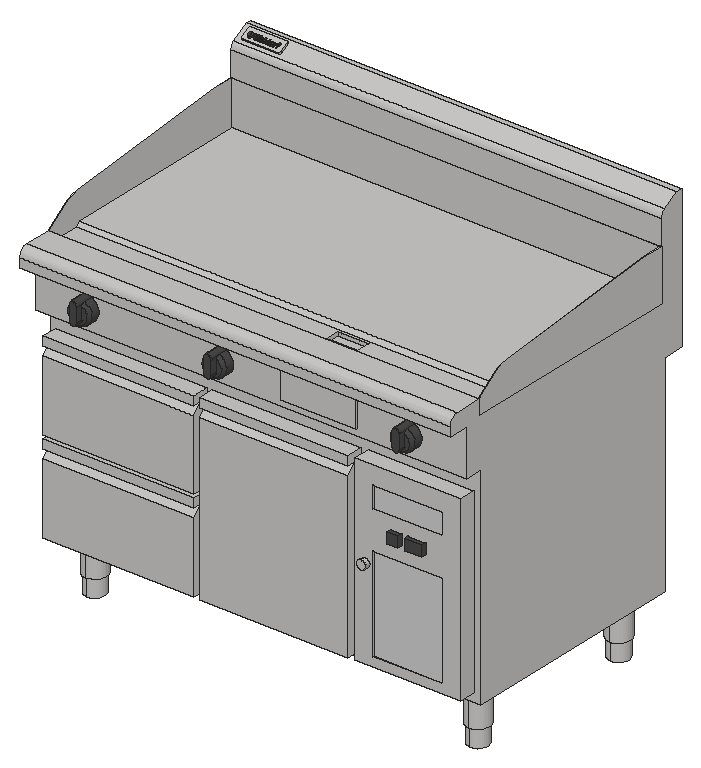
Revit family "QF_MOFFAT WALDORF_GP8120E-RB", category Specialty Equipment, Revit 2012
Parameters
  Width [instance] = 1200.0 mm  # constant formula
  Weight in Pounds = 396.8316  # constant formula
  Watts = 16200 W
  Volts = 415 V
  URL Cutsheet = "www.moffat.com"
  URL = "www.moffat.com"
  Type Mark [instance] = ""
  Status [instance] = ""
  Specification by User [instance] = ""
  Specification by Manufacturer = ""
  Show Logo [instance] = yes
  Show Clearance [instance] = yes
  Show Casters [instance] = no
  Serial Number = ""
  Seismic Rating = ""
  SMACNA No = ""
  Revision Code [instance] = ""
  Refrigerant Type = "R134a"
  Phase = 3
  Omniclass Number and Title = ""
  Number of Poles = 1
  NAFEM Spec ID Number = ""
  Model = "GP8120E-RB"
  Min Ckt Ampacity = 0 A
  Max Overcurrent Protection = 0 A
  Masterspec = ""
  Manufacturer = "MOFFAT WALDORF"
  Legs [instance] = not(Show Casters)  # yes
  Item Number [instance] = ""
  Installed By [instance] = ""
  Identify Quantity as Lot [instance] = yes
  Height [instance] = 1130.0 mm  # constant formula
  HP = ""
  Furnished By [instance] = ""
  Foodservice Equipment Identifier [instance] = yes
  FL Amps = 22.5 A
  Elec Conn RI Height = 0.0 mm
  Elec Conn Connection Height = 0.0 mm
  Description = "GRIDDLE PLATE ELECTRIC ON REFRIGERATED BASE"
  Depth [instance] = 805.0 mm  # constant formula
  Cycle = 50 Hz
  Conn Plug = ""
  Conn Conduit = yes
  CSI MasterFormat = ""
  CSI Master Format = ""
  Base Height [instance] = 150.0 mm
  Apparent Power = if(Phase = 3, Volts * FL Amps * 1.73, Volts * FL Amps)  # 16153.9 VA
Reference planes
  plane 1 "BACK": y = 0
  plane 2: z = 0
  plane 3 "LEFT": x = 0
  plane 4 "RIGHT": x = 1200
  plane 5 "FRONT": y = -805
  plane 6 "TOP": z = 1130
  plane 7 "Center Y": x = 600
  plane 8 "Center X": y = -402.5
  plane 9 "Base Height": z = 150
  plane 10: x = 65
  plane 11: x = 1134
  plane 12: z = 915
  plane 13: x = 1070
  plane 14: x = 1181
  plane 15: x = 923
  plane 16: z = 710
  plane 17: y = -135
  plane 18: y = -625
Forms (mm)
  Extrusion 1, solid, material "QF_Finishes_Stainless Steel"
    sketch origin (0, 0, 0) x (0, 1, 0) y (0, 0, 1)
      loop
        line (-805, 891) -> (-805, 866) -> (-749, 866) -> (-749, 735) -> (-699, 735) -> (-699, 150) -> (-59, 150) -> (-59, 735) -> (0, 735) -> (0, 1130) -> (-16.5, 1130) -> (-58.709, 1105.631)
        arc (-58.709, 1105.631) -> (-66.975, 1097.365) -> (-70, 1086.074) r 22.582
        line (-70, 1086.074) -> (-70, 875) -> (-705, 875) -> (-705, 915) -> (-781, 915)
        arc (-781, 915) -> (-797.971, 907.971) -> (-805, 891) r 24
    from 0 to 1200
  Extrusion 2, solid, material "QF_Finishes_Stainless Steel"
    sketch origin (706.25, 3, 30) x (1, 0, 0) y (0, 1, 0)
      loop
        circle (364, -35) r 13.5
    from 680 to 705
  Revolve 3, solid, material "QF_Finishes_Black"
    sketch origin (150, 0, 529.873) x (0, 1, 0) y (0, 0, -1)
      loop
        line (-782, -299.5) -> (-759, -299.5) -> (-759, -272) -> (-749, -272) -> (-749, -267) -> (-793, -267) -> (-793, -293.651) -> (-782, -299.5)
      axis (-793, -267) -> (-749, -267)
    angle from 0 to 360
  Extrusion 4, solid, material "QF_Finishes_Black"
    sketch origin (288.27, 0, 530.031) x (-1, 0, 0) y (0, 0, -1)
      loop
        arc (148.269, -254.969) -> (138.269, -244.969) -> (128.269, -254.969) r 10
        line (128.269, -254.969) -> (128.269, -293.969)
        arc (128.269, -293.969) -> (138.269, -303.969) -> (148.269, -293.969) r 10
        line (148.269, -293.969) -> (148.269, -254.969)
    from 759 to 808
  Extrusion 5, solid, material "QF_Finishes_Stainless Steel"
    sketch origin (42.8, -749, 866) x (0, 0, -1) y (1, 0, 0)
      loop
        line (26.5, 640) -> (113.5, 640) -> (113.5, 850) -> (26.5, 850) -> (26.5, 640)
    from 0 to 2.5
  Extrusion 6, solid, material "QF_Finishes_Stainless Steel"
    sketch origin (42.8, -751.5, 866) x (0, 0, -1) y (1, 0, 0)
      loop
        line (33.5, 850) -> (26.5, 850) -> (26.5, 640) -> (33.5, 640) -> (33.5, 850)
    from 0 to 5
  Revolve 7, solid, material "QF_Finishes_Black"
    sketch origin (1050, 0, 529.873) x (0, 1, 0) y (0, 0, 1)
      loop
        line (-782, 299.5) -> (-793, 293.651) -> (-793, 267) -> (-749, 267) -> (-749, 272) -> (-759, 272) -> (-759, 299.5) -> (-782, 299.5)
      axis (-793, 267) -> (-749, 267)
    angle from 0 to 360
  Extrusion 8, solid, material "QF_Finishes_Black"
    sketch origin (911.73, 0, 530.031) x (1, 0, 0) y (0, 0, 1)
      loop
        line (148.269, 254.969) -> (148.269, 293.969)
        arc (148.269, 293.969) -> (138.269, 303.969) -> (128.269, 293.969) r 10
        line (128.269, 293.969) -> (128.269, 254.969)
        arc (128.269, 254.969) -> (138.269, 244.969) -> (148.269, 254.969) r 10
    from 759 to 808
  Revolve 9, solid, material "QF_Finishes_Black"
    sketch origin (525, 0, 529.873) x (0, 1, 0) y (0, 0, -1)
      loop
        line (-782, -299.5) -> (-759, -299.5) -> (-759, -272) -> (-749, -272) -> (-749, -267) -> (-793, -267) -> (-793, -293.651) -> (-782, -299.5)
      axis (-793, -267) -> (-749, -267)
    angle from 0 to 360
  Extrusion 10, solid, material "QF_Finishes_Black"
    sketch origin (663.27, 0, 530.031) x (-1, 0, 0) y (0, 0, -1)
      loop
        arc (148.269, -254.969) -> (138.269, -244.969) -> (128.269, -254.969) r 10
        line (128.269, -254.969) -> (128.269, -293.969)
        arc (128.269, -293.969) -> (138.269, -303.969) -> (148.269, -293.969) r 10
        line (148.269, -293.969) -> (148.269, -254.969)
    from 759 to 808
  Revolve 11, solid, material "QF_Finishes_Stainless Steel", visible <- "Legs"
    sketch origin (1133, -245, 0) x (0, 1, 0) y (0, 0, -1)
      loop
        line (78.25, -150) -> (110, -150) -> (110, 0) -> (82.5, 0) -> (82.5, -50) -> (78.25, -50) -> (78.25, -150)
      axis (110, -150) -> (110, 0)
    angle from 0 to 360
  Revolve 12, solid, material "QF_Finishes_Stainless Steel"
    sketch origin (1133, -735, 0) x (0, 1, 0) y (0, 0, -1)
      loop
        line (78.25, -150) -> (110, -150) -> (110, 0) -> (82.5, 0) -> (82.5, -50) -> (78.25, -50) -> (78.25, -150)
      axis (110, -150) -> (110, 0)
    angle from 0 to 360
  Revolve 13, solid, material "QF_Finishes_Stainless Steel", visible <- "Legs"
    sketch origin (65, -245, 0) x (0, 1, 0) y (0, 0, -1)
      loop
        line (78.25, -150) -> (110, -150) -> (110, 0) -> (82.5, 0) -> (82.5, -50) -> (78.25, -50) -> (78.25, -150)
      axis (110, -150) -> (110, 0)
    angle from 0 to 360
  Revolve 14, solid, material "QF_Finishes_Stainless Steel"
    sketch origin (65, -735, 0) x (0, 1, 0) y (0, 0, -1)
      loop
        line (78.25, -150) -> (110, -150) -> (110, 0) -> (82.5, 0) -> (82.5, -50) -> (78.25, -50) -> (78.25, -150)
      axis (110, -150) -> (110, 0)
    angle from 0 to 360
  Extrusion 15, solid, material "QF_Finishes_Stainless Steel"
    sketch origin (0, 0, 0) x (0, 1, 0) y (0, 0, 1)
      loop
        line (-749.5, 676.8) -> (-749.5, 651.8) -> (-724.5, 651.8) -> (-749.5, 626.8) -> (-749.5, 429.8) -> (-704.68, 429.8) -> (-704.68, 676.8) -> (-749.5, 676.8)
      loop
        line (-749.5, 419.8) -> (-749.5, 394.8) -> (-724.5, 394.8) -> (-749.5, 369.8) -> (-749.5, 172.8) -> (-704.68, 172.8) -> (-704.68, 419.8) -> (-749.5, 419.8)
    from 19 to 439
  Extrusion 16, solid, material "QF_Finishes_Stainless Steel"
    sketch origin (0, -699, 735) x (0, 0, 1) y (-1, 0, 0)
      loop
        line (-58.2, -1181) -> (-58.2, -887) -> (-562.2, -887) -> (-562.2, -1181) -> (-58.2, -1181)
      loop
        line (-537.2, -1131) -> (-272.2, -1131) -> (-272.2, -937) -> (-537.2, -937) -> (-537.2, -1131)
      loop
        line (-108.2, -1131) -> (-108.2, -937) -> (-168.2, -937) -> (-168.2, -1131) -> (-108.2, -1131)
    from 0 to 48
  Extrusion 17, solid, material "QF_Finishes_Vents"
    sketch origin (0, -699, 735) x (0, 0, -1) y (-1, 0, 0)
      loop
        line (168.2, -937) -> (108.2, -937) -> (108.2, -1131) -> (168.2, -1131) -> (168.2, -937)
      loop
        line (272.2, -937) -> (272.2, -1131) -> (537.2, -1131) -> (537.2, -937) -> (272.2, -937)
    from 0 to -44.529
  Extrusion 18, solid, material "QF_Door-Drawer Clearances", visible <- "Show Clearance", detail levels coarse
    sketch origin (0, -749.5, 172.8) x (0, 0, 1) y (-1, 0, 0)
      loop
        line (0, -19) -> (0, -439) -> (247, -439) -> (247, -19) -> (0, -19)
      loop
        line (257, -19) -> (257, -439) -> (504, -439) -> (504, -19) -> (257, -19)
    from 0 to 304.8
  Extrusion 19, solid, material "QF_Finishes_Stainless Steel"
    sketch origin (1200, 0, 0) x (0, -1, 0) y (0, 0, 1)
      loop
        line (704.68, 172.8) -> (749.5, 172.8) -> (749.5, 626.8) -> (724.5, 651.8) -> (749.5, 651.8) -> (749.5, 676.8) -> (704.68, 676.8) -> (704.68, 172.8)
    from 330.87 to 744.481
  Extrusion 20, solid, material "QF_Door-Drawer Clearances", visible <- "Show Clearance", detail levels coarse
    sketch origin (1200, -749.5, 172.8) x (1, 0, 0) y (0, -1, 0)
      loop
        line (-744.481, 0) -> (-330.87, 0) -> (-330.87, 413.611)
        arc (-330.87, 413.611) -> (-623.337, 292.467) -> (-744.481, 0) r 413.611
    from 0 to -504
  Extrusion 21, solid, material "QF_Finishes_Black"
    sketch origin (0, -747, 735) x (0, 0, 1) y (-1, 0, 0)
      loop
        line (-201.46, -987.426) -> (-231.46, -987.426) -> (-231.46, -1017.426) -> (-201.46, -1017.426) -> (-201.46, -987.426)
      loop
        line (-201.46, -1035.003) -> (-231.46, -1035.003) -> (-231.46, -1083.315) -> (-201.46, -1083.315) -> (-201.46, -1035.003)
    from 0 to 12.7
  Extrusion 22, solid, material "QF_Finishes_Stainless Steel"
    sketch origin (0, -747, 735) x (0, 0, 1) y (-1, 0, 0)
      loop
        circle (-310.229, -914.856) r 12.395
    from 0 to 12.7
Lines and regions (mm)
  Split face 1
    outline origin (49.063, -19.748, 1128.125) x (0, -0.866025, -0.5) y (1, 0, 0)
      loop
        line (1.427, 105.5) -> (35.836, 105.5) -> (35.836, 125.5) -> (1.427, 125.5) -> (1.427, 105.5)
  Split face 2
    outline origin (99.063, -19.748, 1128.125) x (0, -0.866025, -0.5) y (1, 0, 0)
      loop
        line (1.427, 105.5) -> (35.836, 105.5) -> (35.836, 125.5) -> (1.427, 125.5) -> (1.427, 105.5)
  Split face 3
    outline origin (149.062, -19.748, 1128.125) x (0, -0.866025, -0.5) y (1, 0, 0)
      loop
        line (1.427, 105.5) -> (35.836, 105.5) -> (35.836, 125.5) -> (1.427, 125.5) -> (1.427, 105.5)
  Split face 4
    outline origin (199.063, -19.748, 1128.125) x (0, -0.866025, -0.5) y (1, 0, 0)
      loop
        line (1.427, 105.5) -> (35.836, 105.5) -> (35.836, 125.5) -> (1.427, 125.5) -> (1.427, 105.5)
  Split face 5
    outline origin (249.063, -19.748, 1128.125) x (0, -0.866025, -0.5) y (1, 0, 0)
      loop
        line (1.427, 105.5) -> (35.836, 105.5) -> (35.836, 125.5) -> (1.427, 125.5) -> (1.427, 105.5)
  Split face 6
    outline origin (299.063, -19.748, 1128.125) x (0, -0.866025, -0.5) y (1, 0, 0)
      loop
        line (1.427, 105.5) -> (35.836, 105.5) -> (35.836, 125.5) -> (1.427, 125.5) -> (1.427, 105.5)
  Split face 7
    outline origin (51.563, -19.748, 1128.125) x (0, -0.866025, -0.5) y (1, 0, 0)
      loop
        line (1.427, 405.5) -> (35.836, 405.5) -> (35.836, 425.5) -> (1.427, 425.5) -> (1.427, 405.5)
  Split face 8
    outline origin (101.562, -19.748, 1128.125) x (0, -0.866025, -0.5) y (1, 0, 0)
      loop
        line (1.427, 405.5) -> (35.836, 405.5) -> (35.836, 425.5) -> (1.427, 425.5) -> (1.427, 405.5)
  Split face 9
    outline origin (151.562, -19.748, 1128.125) x (0, -0.866025, -0.5) y (1, 0, 0)
      loop
        line (1.427, 405.5) -> (35.836, 405.5) -> (35.836, 425.5) -> (1.427, 425.5) -> (1.427, 405.5)
  Split face 10
    outline origin (201.562, -19.748, 1128.125) x (0, -0.866025, -0.5) y (1, 0, 0)
      loop
        line (1.427, 405.5) -> (35.836, 405.5) -> (35.836, 425.5) -> (1.427, 425.5) -> (1.427, 405.5)
  Split face 11
    outline origin (251.562, -19.748, 1128.125) x (0, -0.866025, -0.5) y (1, 0, 0)
      loop
        line (1.427, 405.5) -> (35.836, 405.5) -> (35.836, 425.5) -> (1.427, 425.5) -> (1.427, 405.5)
  Split face 12
    outline origin (301.562, -19.748, 1128.125) x (0, -0.866025, -0.5) y (1, 0, 0)
      loop
        line (1.427, 405.5) -> (35.836, 405.5) -> (35.836, 425.5) -> (1.427, 425.5) -> (1.427, 405.5)
  Split face 13
    outline origin (351.562, -19.748, 1128.125) x (0, -0.866025, -0.5) y (1, 0, 0)
      loop
        line (1.427, 405.5) -> (35.836, 405.5) -> (35.836, 425.5) -> (1.427, 425.5) -> (1.427, 405.5)
  Split face 14
    outline origin (402.31, -19.748, 1128.125) x (0, -0.866025, -0.5) y (1, 0, 0)
      loop
        line (1.427, 405.5) -> (35.836, 405.5) -> (35.836, 425.5) -> (1.427, 425.5) -> (1.427, 405.5)
  Split face 15
    outline origin (452.31, -19.748, 1128.125) x (0, -0.866025, -0.5) y (1, 0, 0)
      loop
        line (1.427, 405.5) -> (35.836, 405.5) -> (35.836, 425.5) -> (1.427, 425.5) -> (1.427, 405.5)
  symbolic lines, visible <- "Show Logo"
    curve 1: line (12.5, -52.06, 0) -> (12.5, -21.099, 0)
    curve 2: line (121.5, -21.099, 0) -> (121.5, -52.06, 0)
    curve 3: line (12.5, -21.099, 0) -> (121.5, -21.099, 0)
    curve 4: line (12.5, -52.06, 0) -> (121.5, -52.06, 0)
  symbolic lines
    curve 5: line (154.563, -50.782, 0) -> (154.563, -20.984, 0)
    curve 6: line (154.563, -20.984, 0) -> (174.562, -20.984, 0)
    curve 7: line (174.562, -20.984, 0) -> (174.562, -50.782, 0)
    curve 8: line (174.562, -50.782, 0) -> (154.563, -50.782, 0)
    curve 9: line (204.563, -20.984, 0) -> (204.563, -50.782, 0)
    curve 10: line (204.563, -50.782, 0) -> (224.562, -50.782, 0)
    curve 11: line (224.562, -50.782, 0) -> (224.562, -20.984, 0)
    curve 12: line (224.562, -20.984, 0) -> (204.563, -20.984, 0)
    curve 13: line (254.563, -20.984, 0) -> (254.563, -50.782, 0)
    curve 14: line (254.563, -50.782, 0) -> (274.562, -50.782, 0)
    curve 15: line (274.562, -50.782, 0) -> (274.562, -20.984, 0)
    curve 16: line (274.562, -20.984, 0) -> (254.563, -20.984, 0)
    curve 17: line (0, -805, 0) -> (1200, -805, 0)
    curve 18: line (0, 0, 0) -> (0, -805, 0)
    curve 19: line (1200, 0, 0) -> (0, 0, 0)
    curve 20: line (0, -70, 0) -> (1200, -70, 0)
    curve 21: line (1200, -705, 0) -> (0, -705, 0)
    curve 22: line (304.563, -20.984, 0) -> (304.563, -50.782, 0)
    curve 23: line (304.563, -50.782, 0) -> (324.562, -50.782, 0)
    curve 24: line (324.562, -50.782, 0) -> (324.562, -20.984, 0)
    curve 25: line (324.562, -20.984, 0) -> (304.563, -20.984, 0)
    curve 26: line (354.563, -20.984, 0) -> (354.563, -50.782, 0)
    curve 27: line (354.563, -50.782, 0) -> (374.562, -50.782, 0)
    curve 28: line (374.562, -50.782, 0) -> (374.562, -20.984, 0)
    curve 29: line (374.562, -20.984, 0) -> (354.563, -20.984, 0)
    curve 30: line (404.563, -20.984, 0) -> (404.563, -50.782, 0)
    curve 31: line (404.563, -50.782, 0) -> (424.562, -50.782, 0)
    curve 32: line (424.562, -50.782, 0) -> (424.562, -20.984, 0)
    curve 33: line (424.562, -20.984, 0) -> (404.563, -20.984, 0)
    curve 34: line (457.063, -20.984, 0) -> (457.063, -50.782, 0)
    curve 35: line (457.063, -50.782, 0) -> (477.063, -50.782, 0)
    curve 36: line (477.063, -50.782, 0) -> (477.063, -20.984, 0)
    curve 37: line (477.063, -20.984, 0) -> (457.063, -20.984, 0)
    curve 38: line (507.063, -20.984, 0) -> (507.063, -50.782, 0)
    curve 39: line (507.063, -50.782, 0) -> (527.063, -50.782, 0)
    curve 40: line (527.063, -50.782, 0) -> (527.063, -20.984, 0)
    curve 41: line (527.063, -20.984, 0) -> (507.063, -20.984, 0)
    curve 42: line (557.063, -50.782, 0) -> (577.063, -50.782, 0)
    curve 43: line (577.063, -50.782, 0) -> (577.063, -20.984, 0)
    curve 44: line (577.063, -20.984, 0) -> (557.063, -20.984, 0)
    curve 45: line (557.063, -20.984, 0) -> (557.063, -50.782, 0)
    curve 46: line (607.063, -50.782, 0) -> (627.063, -50.782, 0)
    curve 47: line (627.063, -50.782, 0) -> (627.063, -20.984, 0)
    curve 48: line (627.063, -20.984, 0) -> (607.063, -20.984, 0)
    curve 49: line (607.063, -20.984, 0) -> (607.063, -50.782, 0)
    curve 50: line (677.063, -50.782, 0) -> (657.063, -50.782, 0)
    curve 51: line (657.063, -50.782, 0) -> (657.063, -20.984, 0)
    curve 52: line (657.063, -20.984, 0) -> (677.063, -20.984, 0)
    curve 53: line (677.063, -20.984, 0) -> (677.063, -50.782, 0)
    curve 54: line (707.063, -50.782, 0) -> (727.063, -50.782, 0)
    curve 55: line (727.063, -50.782, 0) -> (727.063, -20.984, 0)
    curve 56: line (727.063, -20.984, 0) -> (707.063, -20.984, 0)
    curve 57: line (707.063, -20.984, 0) -> (707.063, -50.782, 0)
    curve 58: line (757.063, -50.782, 0) -> (777.063, -50.782, 0)
    curve 59: line (777.063, -50.782, 0) -> (777.063, -20.984, 0)
    curve 60: line (777.063, -20.984, 0) -> (757.063, -20.984, 0)
    curve 61: line (757.063, -20.984, 0) -> (757.063, -50.782, 0)
    curve 62: line (807.81, -50.782, 0) -> (827.81, -50.782, 0)
    curve 63: line (827.81, -50.782, 0) -> (827.81, -20.984, 0)
    curve 64: line (827.81, -20.984, 0) -> (807.81, -20.984, 0)
    curve 65: line (807.81, -20.984, 0) -> (807.81, -50.782, 0)
    curve 66: line (857.81, -50.782, 0) -> (877.81, -50.782, 0)
    curve 67: line (877.81, -50.782, 0) -> (877.81, -20.984, 0)
    curve 68: line (877.81, -20.984, 0) -> (857.81, -20.984, 0)
    curve 69: line (857.81, -20.984, 0) -> (857.81, -50.782, 0)
    curve 75: line (1200, -805, 0) -> (1200, 0, 0)
  symbolic lines, style "QF_Door-Drawer Clearances"
    curve 70: line (19, -805, 150) -> (19, -1054.3, 150)
    curve 71: line (19, -1054.3, 150) -> (439, -1054.3, 150)
    curve 72: line (439, -1054.3, 150) -> (439, -805, 150)
    curve 73: arc (530.32, -986.737, 150) -> (483.647, -899.423, 150) -> (459.062, -803.519, 150) r 413.611
    curve 74: line (792.449, -803.193, 150) -> (530.32, -986.737, 150)
Dimensions and locks
  equal spacing: plane 3 "LEFT", plane 7 "Center Y", plane 4 "RIGHT"
  "Width": plane 3 "LEFT" to plane 4 "RIGHT"
  equal spacing: plane 5 "FRONT", plane 8 "Center X", plane 1 "BACK"
  "Depth": plane 5 "FRONT" to plane 1 "BACK"
  "Base Height": plane 9 "Base Height" to level
  "Height": plane 6 "TOP" to level
  plane 11 to plane 10 = 1069.0 mm
  plane 12 to level = 915.0 mm
  plane 13 to plane 4 "RIGHT" = 130.0 mm
  Extrusion 16 sketch curve to Extrusion 16 sketch curve = 294.0 mm
  plane 15 to plane 4 "RIGHT" = 277.0 mm
  plane 16 to level = 710.0 mm
  plane 18 to plane 17 = 490.0 mm
  aligned and locked: level to plane 2
Automatic sketch dimensions
  curve 17 to plane 3 "LEFT" = 0.0 mm
  plane 1 "BACK" to curve 19 = 0.0 mm
  curve 19 to plane 4 "RIGHT" = 0.0 mm
  plane 5 "FRONT" to curve 17 = 0.0 mm
  plane 3 "LEFT" to curve 1 = 12.5 mm
  plane 10 to curve 4 = 56.5 mm
  curve 2 to curve 6 = 33.062 mm
  curve 5 to curve 8 = 20.0 mm
  curve 6 to curve 12 = 30.0 mm
  curve 9 to curve 10 = 20.0 mm
  curve 11 to curve 16 = 30.0 mm
  curve 13 to curve 15 = 20.0 mm
  curve 15 to curve 22 = 30.0 mm
  curve 22 to curve 24 = 20.0 mm
  curve 23 to curve 26 = 30.0 mm
  curve 26 to curve 27 = 20.0 mm
  curve 27 to curve 30 = 30.0 mm
  curve 30 to curve 32 = 20.0 mm
  curve 31 to curve 34 = 32.5 mm
  curve 34 to curve 35 = 20.0 mm
  curve 36 to curve 38 = 30.0 mm
  curve 38 to curve 41 = 20.0 mm
  curve 39 to curve 42 = 30.0 mm
  curve 44 to curve 43 = 20.0 mm
  plane 7 "Center Y" to curve 48 = 7.063 mm
  curve 46 to curve 46 = 20.0 mm
  curve 47 to curve 52 = 30.0 mm
  curve 51 to curve 53 = 20.0 mm
  curve 50 to curve 54 = 30.0 mm
  curve 56 to curve 56 = 20.0 mm
  curve 55 to curve 61 = 30.0 mm
  curve 58 to curve 58 = 20.0 mm
  curve 58 to curve 62 = 30.748 mm
  curve 62 to curve 62 = 20.0 mm
  curve 63 to curve 68 = 30.0 mm
  curve 66 to curve 66 = 20.0 mm
  curve 21 to plane 5 "FRONT" = 100.0 mm
  curve 20 to curve 19 = 70.0 mm
  plane 1 "BACK" to curve 2 = 52.06 mm
  plane 1 "BACK" to curve 7 = 50.782 mm
  plane 1 "BACK" to curve 59 = 50.782 mm
  curve 7 to curve 9 = 0.0 mm
  curve 57 to curve 58 = 0.0 mm
  curve 10 to curve 13 = 0.0 mm
  curve 53 to curve 54 = 0.0 mm
  curve 58 to curve 62 = 0.0 mm
  curve 62 to curve 66 = 0.0 mm
  curve 49 to curve 50 = 0.0 mm
  curve 14 to curve 22 = 0.0 mm
  curve 45 to curve 46 = 0.0 mm
  curve 23 to curve 26 = 0.0 mm
  curve 40 to curve 42 = 0.0 mm
  curve 27 to curve 30 = 0.0 mm
  curve 36 to curve 38 = 0.0 mm
  plane 1 "BACK" to curve 2 = 21.099 mm
  plane 1 "BACK" to curve 33 = 20.984 mm
  plane 1 "BACK" to curve 40 = 20.984 mm
  plane 1 "BACK" to curve 29 = 20.984 mm
  plane 1 "BACK" to curve 43 = 20.984 mm
  plane 1 "BACK" to curve 25 = 20.984 mm
  plane 1 "BACK" to curve 47 = 20.984 mm
  plane 1 "BACK" to curve 69 = 20.984 mm
  plane 1 "BACK" to curve 52 = 20.984 mm
  plane 1 "BACK" to curve 16 = 20.984 mm
  plane 1 "BACK" to curve 55 = 20.984 mm
  plane 1 "BACK" to curve 12 = 20.984 mm
  plane 1 "BACK" to curve 59 = 20.984 mm
  plane 1 "BACK" to curve 7 = 20.984 mm
  plane 1 "BACK" to curve 63 = 20.984 mm
  plane 1 "BACK" to curve 37 = 20.984 mm
  plane 1 "BACK" to Extrusion 2 sketch curve = 32.0 mm
  plane 11 to Extrusion 2 sketch curve = 63.75 mm
  Revolve 3 sketch curve to plane 5 "FRONT" = 12.0 mm
  Revolve 3 sketch curve to Revolve 3 sketch curve = 0.0 mm  (x2)
  Revolve 3 sketch curve to Revolve 3 sketch curve = 11.0 mm
  Revolve 3 sketch curve to Revolve 3 sketch curve = 12.7 mm
  Revolve 3 sketch curve to Revolve 3 sketch curve = 23.0 mm
  Revolve 3 sketch curve to Revolve 3 sketch curve = 10.0 mm
  Revolve 3 sketch curve to plane 6 "TOP" = 300.627 mm
  Revolve 3 sketch curve to Revolve 3 sketch curve = 5.849 mm
  Revolve 3 sketch curve to Revolve 3 sketch curve = 27.5 mm
  Revolve 3 sketch curve to Revolve 3 sketch curve = 5.0 mm
  plane 10 to Extrusion 4 sketch curve = 95.001 mm
  Extrusion 4 sketch curve to Extrusion 4 sketch curve = 10.0 mm
  Extrusion 4 sketch curve to plane 6 "TOP" = 306.0 mm
  Extrusion 4 sketch curve to Extrusion 4 sketch curve = 39.0 mm
  Extrusion 1 to Split face 1 sketch curve = 5.177 mm
  Split face 1 sketch curve to Extrusion 1 = 9.153 mm
  Split face 1 sketch curve to Extrusion 1 = 154.563 mm
  Split face 1 sketch curve to Split face 1 sketch curve = 20.0 mm
  Extrusion 1 to Split face 2 sketch curve = 5.177 mm
  Split face 2 sketch curve to Extrusion 1 = 9.153 mm
  Split face 2 sketch curve to Extrusion 1 = 204.563 mm
  Split face 2 sketch curve to Split face 2 sketch curve = 20.0 mm
  Extrusion 1 to Split face 3 sketch curve = 5.177 mm
  Split face 3 sketch curve to Extrusion 1 = 9.153 mm
  Split face 3 sketch curve to Extrusion 1 = 254.563 mm
  Split face 3 sketch curve to Split face 3 sketch curve = 20.0 mm
  Extrusion 1 to Extrusion 5 sketch curve = 26.5 mm
  Extrusion 5 sketch curve to Extrusion 1 = 17.5 mm
  Extrusion 1 to Extrusion 5 sketch curve = 517.2 mm
  Extrusion 5 sketch curve to Extrusion 5 sketch curve = 210.0 mm
  Extrusion 6 sketch curve to Extrusion 5 = 0.0 mm  (x2)
  Extrusion 5 to Extrusion 6 sketch curve = 0.0 mm
  Extrusion 6 sketch curve to Extrusion 6 sketch curve = 7.0 mm
  Extrusion 1 to Split face 4 sketch curve = 5.177 mm
  Split face 4 sketch curve to Extrusion 1 = 9.153 mm
  Split face 4 sketch curve to Extrusion 1 = 304.563 mm
  Split face 4 sketch curve to Split face 4 sketch curve = 20.0 mm
  Extrusion 1 to Split face 5 sketch curve = 5.177 mm
  Split face 5 sketch curve to Extrusion 1 = 9.153 mm
  Split face 5 sketch curve to Extrusion 1 = 354.563 mm
  Split face 5 sketch curve to Split face 5 sketch curve = 20.0 mm
  Extrusion 1 to Split face 6 sketch curve = 5.177 mm
  Split face 6 sketch curve to Extrusion 1 = 9.153 mm
  Split face 6 sketch curve to Extrusion 1 = 404.563 mm
  Split face 6 sketch curve to Split face 6 sketch curve = 20.0 mm
  Extrusion 1 to Split face 7 sketch curve = 5.177 mm
  Split face 7 sketch curve to Extrusion 1 = 9.153 mm
  Split face 7 sketch curve to Extrusion 1 = 457.063 mm
  Split face 7 sketch curve to Split face 7 sketch curve = 20.0 mm
  Extrusion 1 to Split face 8 sketch curve = 5.177 mm
  Split face 8 sketch curve to Extrusion 1 = 9.153 mm
  Split face 8 sketch curve to Extrusion 1 = 507.063 mm
  Split face 8 sketch curve to Split face 8 sketch curve = 20.0 mm
  Extrusion 1 to Split face 9 sketch curve = 5.177 mm
  Split face 9 sketch curve to Extrusion 1 = 9.153 mm
  Split face 9 sketch curve to Extrusion 1 = 557.063 mm
  Split face 9 sketch curve to Split face 9 sketch curve = 20.0 mm
  Extrusion 1 to Split face 10 sketch curve = 5.177 mm
  Split face 10 sketch curve to Extrusion 1 = 9.153 mm
  Split face 10 sketch curve to Extrusion 1 = 592.937 mm
  Split face 10 sketch curve to Split face 10 sketch curve = 20.0 mm
  Extrusion 1 to Split face 11 sketch curve = 5.177 mm
  Split face 11 sketch curve to Extrusion 1 = 9.153 mm
  Split face 11 sketch curve to Extrusion 1 = 542.937 mm
  Split face 11 sketch curve to Split face 11 sketch curve = 20.0 mm
  Revolve 7 sketch curve to plane 5 "FRONT" = 12.0 mm
  Revolve 7 sketch curve to Revolve 7 sketch curve = 0.0 mm  (x2)
  Revolve 7 sketch curve to Revolve 7 sketch curve = 11.0 mm
  Revolve 7 sketch curve to Revolve 7 sketch curve = 12.7 mm
  Revolve 7 sketch curve to Revolve 7 sketch curve = 23.0 mm
  Revolve 7 sketch curve to Revolve 7 sketch curve = 10.0 mm
  Revolve 7 sketch curve to plane 6 "TOP" = 333.127 mm
  Revolve 7 sketch curve to Revolve 7 sketch curve = 5.0 mm
  Revolve 7 sketch curve to Revolve 7 sketch curve = 26.651 mm
  Revolve 7 sketch curve to Revolve 7 sketch curve = 5.849 mm
  plane 11 to Extrusion 8 sketch curve = 94.001 mm
  Extrusion 8 sketch curve to Extrusion 8 sketch curve = 10.0 mm
  Extrusion 8 sketch curve to plane 6 "TOP" = 345.0 mm
  Extrusion 8 sketch curve to Extrusion 8 sketch curve = 39.0 mm
  Revolve 9 sketch curve to plane 5 "FRONT" = 12.0 mm
  Revolve 9 sketch curve to Revolve 9 sketch curve = 0.0 mm  (x2)
  Revolve 9 sketch curve to Revolve 9 sketch curve = 11.0 mm
  Revolve 9 sketch curve to Revolve 9 sketch curve = 12.7 mm
  Revolve 9 sketch curve to Revolve 9 sketch curve = 23.0 mm
  Revolve 9 sketch curve to Revolve 9 sketch curve = 10.0 mm
  Revolve 9 sketch curve to plane 6 "TOP" = 300.627 mm
  Revolve 9 sketch curve to Revolve 9 sketch curve = 5.849 mm
  Revolve 9 sketch curve to Revolve 9 sketch curve = 27.5 mm
  Revolve 9 sketch curve to Revolve 9 sketch curve = 5.0 mm
  Extrusion 10 sketch curve to plane 7 "Center Y" = 64.999 mm
  Extrusion 10 sketch curve to Extrusion 10 sketch curve = 10.0 mm
  Extrusion 10 sketch curve to plane 6 "TOP" = 306.0 mm
  Extrusion 10 sketch curve to Extrusion 10 sketch curve = 39.0 mm
  Extrusion 1 to Split face 12 sketch curve = 5.177 mm
  Split face 12 sketch curve to Extrusion 1 = 9.153 mm
  Split face 12 sketch curve to Extrusion 1 = 492.937 mm
  Split face 12 sketch curve to Split face 12 sketch curve = 20.0 mm
  Extrusion 1 to Split face 13 sketch curve = 5.177 mm
  Split face 13 sketch curve to Extrusion 1 = 9.153 mm
  Split face 13 sketch curve to Extrusion 1 = 442.937 mm
  Split face 13 sketch curve to Split face 13 sketch curve = 20.0 mm
  Extrusion 1 to Split face 14 sketch curve = 5.177 mm
  Split face 14 sketch curve to Extrusion 1 = 9.153 mm
  Split face 14 sketch curve to Extrusion 1 = 392.19 mm
  Split face 14 sketch curve to Split face 14 sketch curve = 20.0 mm
  Extrusion 1 to Split face 15 sketch curve = 5.177 mm
  Split face 15 sketch curve to Extrusion 1 = 9.153 mm
  Split face 15 sketch curve to Extrusion 1 = 342.19 mm
  Split face 15 sketch curve to Split face 15 sketch curve = 20.0 mm
  Extrusion 1 sketch curve to plane 12 = 0.0 mm
  Extrusion 1 sketch curve to plane 5 "FRONT" = 24.0 mm
  Extrusion 1 sketch curve to plane 5 "FRONT" = 56.0 mm
  Extrusion 1 sketch curve to Extrusion 1 sketch curve = 44.0 mm
  plane 1 "BACK" to Extrusion 1 sketch curve = 70.0 mm
  Extrusion 1 sketch curve to Extrusion 1 sketch curve = 11.291 mm  (x2)
  Extrusion 1 sketch curve to Extrusion 1 sketch curve = 16.5 mm
  Extrusion 1 sketch curve to plane 12 = 40.0 mm
  Extrusion 1 sketch curve to Extrusion 1 sketch curve = 25.0 mm
  Extrusion 1 sketch curve to Extrusion 1 sketch curve = 131.0 mm
  plane 12 to Extrusion 1 sketch curve = 171.074 mm
  Extrusion 1 sketch curve to Extrusion 1 sketch curve = 24.369 mm
  Extrusion 1 sketch curve to plane 5 "FRONT" = 0.0 mm
  Revolve 11 sketch curve to plane 9 "Base Height" = 0.0 mm
  Revolve 11 sketch curve to level = 0.0 mm
  level to Revolve 11 sketch curve = 50.0 mm
  plane 1 "BACK" to Revolve 11 sketch curve = 166.75 mm
  Revolve 11 sketch curve to Revolve 11 sketch curve = 4.25 mm
  Revolve 11 sketch curve to Revolve 11 sketch curve = 27.5 mm  (x2)
  Revolve 11 sketch curve to Revolve 11 sketch curve = 0.0 mm
  Revolve 11 sketch curve to Revolve 11 sketch curve = 55.0 mm
  Revolve 12 sketch curve to plane 9 "Base Height" = 0.0 mm
  Revolve 12 sketch curve to level = 0.0 mm
  level to Revolve 12 sketch curve = 50.0 mm
  Revolve 12 sketch curve to plane 5 "FRONT" = 148.25 mm
  Revolve 12 sketch curve to Revolve 12 sketch curve = 4.25 mm
  Revolve 12 sketch curve to Revolve 12 sketch curve = 27.5 mm  (x2)
  Revolve 12 sketch curve to Revolve 12 sketch curve = 0.0 mm
  Revolve 12 sketch curve to Revolve 12 sketch curve = 55.0 mm
  Revolve 13 sketch curve to plane 9 "Base Height" = 0.0 mm
  Revolve 13 sketch curve to level = 0.0 mm
  level to Revolve 13 sketch curve = 50.0 mm
  plane 1 "BACK" to Revolve 13 sketch curve = 166.75 mm
  Revolve 13 sketch curve to Revolve 13 sketch curve = 4.25 mm
  Revolve 13 sketch curve to Revolve 13 sketch curve = 27.5 mm  (x2)
  Revolve 13 sketch curve to Revolve 13 sketch curve = 0.0 mm
  Revolve 13 sketch curve to Revolve 13 sketch curve = 55.0 mm
  Revolve 14 sketch curve to plane 9 "Base Height" = 0.0 mm
  Revolve 14 sketch curve to level = 0.0 mm
  level to Revolve 14 sketch curve = 50.0 mm
  Revolve 14 sketch curve to plane 5 "FRONT" = 148.25 mm
  Revolve 14 sketch curve to Revolve 14 sketch curve = 4.25 mm
  Revolve 14 sketch curve to Revolve 14 sketch curve = 27.5 mm  (x2)
  Revolve 14 sketch curve to Revolve 14 sketch curve = 0.0 mm
  Revolve 14 sketch curve to Revolve 14 sketch curve = 55.0 mm
  Extrusion 1 sketch curve to plane 5 "FRONT" = 106.0 mm
  Extrusion 17 sketch curve to Extrusion 16 = 0.0 mm  (x6)
  Extrusion 16 to Extrusion 17 sketch curve = 0.0 mm  (x2)
  level to Extrusion 18 sketch curve = 172.8 mm
  plane 9 "Base Height" to Extrusion 18 sketch curve = 269.8 mm
  Extrusion 18 sketch curve to Extrusion 18 sketch curve = 10.0 mm
  plane 3 "LEFT" to Extrusion 18 sketch curve = 19.0 mm  (x2)
  Extrusion 18 sketch curve to plane 7 "Center Y" = 161.0 mm
  Extrusion 18 sketch curve to Extrusion 18 sketch curve = 0.0 mm
  Extrusion 16 sketch curve to Extrusion 1 = 22.8 mm
  Extrusion 16 sketch curve to Extrusion 1 = 47.8 mm
  Extrusion 1 to Extrusion 16 sketch curve = 69.0 mm  (x2)
  Extrusion 16 sketch curve to Extrusion 16 sketch curve = 265.0 mm
  Extrusion 16 sketch curve to Extrusion 16 sketch curve = 104.0 mm
  Extrusion 16 sketch curve to Extrusion 16 sketch curve = 60.0 mm
  Extrusion 1 to Extrusion 16 sketch curve = 58.2 mm
  Extrusion 1 to Extrusion 16 sketch curve = 19.0 mm
  Extrusion 16 sketch curve to Extrusion 16 sketch curve = 50.0 mm
  Extrusion 16 sketch curve to Extrusion 16 sketch curve = 0.0 mm
  Extrusion 16 to Extrusion 22 sketch curve = 38.029 mm
  Extrusion 22 sketch curve to Extrusion 16 = 22.144 mm
  Extrusion 21 sketch curve to Extrusion 16 = 40.74 mm  (x2)
  Extrusion 21 sketch curve to Extrusion 21 sketch curve = 30.0 mm  (x3)
  Extrusion 16 to Extrusion 21 sketch curve = 47.685 mm
  Extrusion 21 sketch curve to Extrusion 21 sketch curve = 48.312 mm
  Extrusion 21 sketch curve to Extrusion 21 sketch curve = 17.577 mm
  Extrusion 15 sketch curve to plane 5 "FRONT" = 55.5 mm  (x2)
  Extrusion 15 sketch curve to Extrusion 15 sketch curve = 0.0 mm  (x2)
  Extrusion 15 sketch curve to Extrusion 15 sketch curve = 25.0 mm  (x6)
  Extrusion 15 sketch curve to Extrusion 15 sketch curve = 44.82 mm
  Extrusion 15 sketch curve to Extrusion 15 sketch curve = 19.82 mm
  Extrusion 15 sketch curve to Extrusion 15 sketch curve = 197.0 mm  (x2)
  Extrusion 15 sketch curve to Extrusion 15 sketch curve = 10.0 mm
  plane 9 "Base Height" to Extrusion 15 sketch curve = 22.8 mm
  plane 9 "Base Height" to Extrusion 19 sketch curve = 22.8 mm
  Extrusion 19 sketch curve to plane 5 "FRONT" = 100.32 mm
  Extrusion 19 sketch curve to Extrusion 19 sketch curve = 19.82 mm
  Extrusion 19 sketch curve to Extrusion 19 sketch curve = 25.0 mm  (x3)
  Extrusion 19 sketch curve to Extrusion 19 sketch curve = 0.0 mm
  Extrusion 20 sketch curve to Extrusion 19 = 0.0 mm  (x2)
  Extrusion 19 to Extrusion 20 sketch curve = 413.611 mm
  plane 5 "FRONT" to curve 72 = 0.0 mm
  plane 5 "FRONT" to curve 70 = 0.0 mm
  curve 73 to plane 5 "FRONT" = 55.5 mm
  plane 13 to curve 73 = 200.87 mm
  curve 74 to plane 5 "FRONT" = 1.807 mm
  curve 73 to curve 74 = 76.681 mm
  curve 73 to plane 7 "Center Y" = 69.68 mm
  curve 73 to plane 5 "FRONT" = 1.481 mm
  curve 73 to plane 7 "Center Y" = 140.938 mm
  curve 73 to curve 72 = 20.062 mm
  plane 3 "LEFT" to curve 70 = 19.0 mm
  plane 5 "FRONT" to curve 71 = 249.3 mm
  Extrusion 1 sketch curve to Extrusion 1 sketch curve = 59.0 mm
  Extrusion 1 sketch curve to plane 9 "Base Height" = 0.0 mm
  Extrusion 1 sketch curve to plane 1 "BACK" = 0.0 mm
  Extrusion 1 sketch curve to Extrusion 1 sketch curve = 140.0 mm
  Extrusion 18 sketch curve to plane 12 = 238.2 mm
  Extrusion 19 sketch curve to plane 12 = 288.2 mm
  radius of Extrusion 2 sketch curve = 13.5 mm
  radius of Extrusion 22 sketch curve = 12.395 mm
Nested families
  nested 1: "GAS GRIDDLE PLATE" at (0, -70, 875), type "GAS GRIDDLE PLATE"
    with Type Mark "", Status "", Specification by User "", Show Clearance yes, Revision Code "", Number of Poles 1, Mechanical Remarks "", Mechanical Connection Type "", Item Number "", Installed By "", Identify Quantity as Lot yes, Gas RI Height 0.0 mm, Gas KW 0, Gas Input 0.0 Btu/h, Furnished By "", Foodservice Equipment Identifier yes, Electrical Remarks "", Electric Connection Type "", Elec Conn RI Height 0.0 mm, Elec Conn Connection Height 0.0 mm
  nested 2: "GP8120E-RB-CASTERS" at (65, -162.5, 0), Show Casters <- "Show Casters", visible <- "Show Casters", type "GP8120E-RB-CASTERS"
    with Type Mark "", Status "", Specification by User "", Show Casters no, Revision Code "", Item Number "", Installed By "", Identify Quantity as Lot yes, Furnished By "", Foodservice Equipment Identifier yes
  nested 3: "GP8120E-RB-CASTERS" at (1134, -162.5, 0), Show Casters <- "Show Casters", visible <- "Show Casters", type "GP8120E-RB-CASTERS"
    with Type Mark "", Status "", Specification by User "", Show Casters no, Revision Code "", Item Number "", Installed By "", Identify Quantity as Lot yes, Furnished By "", Foodservice Equipment Identifier yes
  nested 4: "WALDORF LOGO_FACE BASE" at (12.753, -22.129, 1126.75) x (1, 0, 0) z (0, -0.5, 0.866), visible <- "Show Logo", type "WALDORF LOGO_FACE BASE", detail levels medium+fine
    with Show Logo yes
Connectors
  electrical at (1070.25, -32, 710), driven by "Volts", driven by "Watts"
    settings: on Extrusion 2, index 1, voltage 415 V, apparent load 16200 VA, apparent load phase1 0 VA, apparent load phase2 0 VA, apparent load phase3 0 VA, power factor 1, load classification "Other", number of poles 1, system type 30, power factor state 1, is connector primary yes, connector utility no, sub classification motor no, connector description "ELECTRICAL CONNECTION"
Definition of nested family "GAS GRIDDLE PLATE"
  Parameters (values of type "GAS GRIDDLE PLATE")
    Weight in Pounds = 0
    Watts = 0 W
    Volts = 0 V
    URL Cutsheet = ""
    Type Mark [instance] = ""
    Status [instance] = ""
    Specification by User [instance] = ""
    Specification by Manufacturer = ""
    Show Clearance [instance] = yes
    Serial Number = ""
    Seismic Rating = ""
    SMACNA No = ""
    Revision Code [instance] = ""
    Phase = 1
    Omniclass Number and Title = ""
    Number of Poles [instance] = 1
    NAFEM Spec ID Number = ""
    Min Ckt Ampacity = 0 A
    Mechanical Remarks [instance] = ""
    Mechanical Connection Type [instance] = ""
    Max Overcurrent Protection = 0 A
    Masterspec = ""
    Item Number [instance] = ""
    Installed By [instance] = ""
    Identify Quantity as Lot [instance] = yes
    HP = ""
    Gas Size = 0"
    Gas RI Height [instance] = 0.0 mm
    Gas KW [instance] = 0
    Gas Input [instance] = 0.0 Btu/h
    Gas Connection Height = 0.0 mm
    Furnished By [instance] = ""
    Foodservice Equipment Identifier [instance] = yes
    FL Amps = 0 A
    Electrical Remarks [instance] = ""
    Electric Connection Type [instance] = ""
    Elec Conn RI Height [instance] = 0.0 mm
    Elec Conn Connection Height [instance] = 0.0 mm
    Cycle = 0 Hz
    Conn Plug = ""
    Conn Conduit = yes
    CSI MasterFormat = ""
    CSI Master Format = ""
    Apparent Power = if(Phase = 3, Volts * FL Amps * 1.73, Volts * FL Amps)  # 0 VA
  Reference planes
    plane 1 "BACK": y = 0
    plane 2: z = 0
    plane 3 "LEFT": x = 0
    plane 4 "RIGHT": x = 1200
    plane 5 "FRONT": y = -634.4
    plane 6 "TOP": z = 142.5
    plane 7 "Center Y": x = 600
    plane 8 "Center X": y = -317.2
  Forms (mm)
    Extrusion 1, solid, material "QF_Finishes_Stainless Steel"
      sketch origin (0, 70.003, -875) x (0, 1, 0) y (0, 0, 1)
        loop
          line (-70, 875) -> (-70, 1017.5) -> (-126.948, 1017.5) -> (-604.433, 971.523)
          arc (-604.433, 971.523) -> (-629.46, 965.803) -> (-652.206, 953.899) r 100
          line (-652.206, 953.899) -> (-704.403, 917.35) -> (-704.403, 875) -> (-70, 875)
      from 0 to 1.8
    Extrusion 2, solid, material "QF_Finishes_Stainless Steel"
      sketch origin (150, 70.003, -875) x (0, 1, 0) y (0, 0, 1)
        loop
          line (-70, 895) -> (-601, 895) -> (-611.5, 884.5) -> (-704.403, 884.5) -> (-704.403, 875) -> (-70, 875) -> (-70, 895)
      from -148.2 to 1048.2
    Extrusion 3, void
      sketch origin (450, -541.497, 9.5) x (0, -1, 0) y (1, 0, 0)
        loop
          line (10, 375.2) -> (10, 289.7) -> (48.5, 289.7) -> (48.5, 375.2) -> (10, 375.2)
      from -41.4 to 40.142
    Extrusion 4, solid, material "QF_Finishes_Stainless Steel"
      sketch origin (150, 0.003, 211.074) x (0, 0, -1) y (1, 0, 0)
        loop
          line (68.574, -148.2) -> (191.074, -148.2) -> (191.074, 1048.2) -> (68.574, 1048.2) -> (68.574, -148.2)
      from 0 to 1.683
    Extrusion 5, solid, material "QF_Finishes_Stainless Steel"
      sketch origin (1200, 70.003, -875) x (0, 1, 0) y (0, 0, -1)
        loop
          line (-70, -875) -> (-704.403, -875) -> (-704.403, -917.35) -> (-652.206, -953.899)
          arc (-652.206, -953.899) -> (-629.46, -965.803) -> (-604.433, -971.523) r 100
          line (-604.433, -971.523) -> (-126.948, -1017.5) -> (-70, -1017.5) -> (-70, -875)
      from 0 to 1.8
  Cuts and joins
    Extrusion 3 cuts Extrusion 2
  Lines and regions (mm)
    symbolic lines
      curve 1: line (1198.8, -530.997, 0) -> (1.8, -530.997, 0)
      curve 2: line (1.8, -541.497, 0) -> (1198.8, -541.497, 0)
      curve 3: line (739.7, -551.497, 0) -> (739.7, -589.997, 0)
      curve 4: line (739.7, -589.997, 0) -> (825.2, -589.997, 0)
      curve 5: line (825.2, -589.997, 0) -> (825.2, -551.497, 0)
      curve 6: line (825.2, -551.497, 0) -> (739.7, -551.497, 0)
      curve 7: line (1.8, -1.68, 0) -> (1198.8, -1.68, 0)
      curve 8: line (1198.8, -1.68, 0) -> (1198.8, -634.4, 0)
      curve 9: line (1.8, -634.4, 0) -> (1.8, -1.68, 0)
      curve 10: line (1.8, -634.4, 0) -> (1198.8, -634.4, 0)
  Dimensions and locks
    equal spacing: plane 3 "LEFT", plane 7 "Center Y", plane 4 "RIGHT"
    plane 3 "LEFT" to plane 4 "RIGHT" = 1200.0 mm
    equal spacing: plane 5 "FRONT", plane 8 "Center X", plane 1 "BACK"
    plane 5 "FRONT" to plane 1 "BACK" = 634.4 mm
    aligned and locked: level to plane 2
  Automatic sketch dimensions
    plane 5 "FRONT" to curve 10 = 0.0 mm
    plane 3 "LEFT" to curve 10 = 1.8 mm
    curve 4 to plane 5 "FRONT" = 44.403 mm
    plane 7 "Center Y" to curve 4 = 139.7 mm
    curve 3 to curve 5 = 85.5 mm
    plane 4 "RIGHT" to curve 8 = 1.2 mm
    curve 3 to curve 3 = 38.5 mm
    curve 2 to plane 5 "FRONT" = 92.903 mm
    curve 2 to curve 1 = 10.5 mm
    plane 1 "BACK" to curve 9 = 1.68 mm
    Extrusion 1 sketch curve to level = 0.0 mm
    Extrusion 1 sketch curve to plane 5 "FRONT" = 0.0 mm
    Extrusion 1 sketch curve to plane 6 "TOP" = 0.0 mm
    Extrusion 1 sketch curve to plane 5 "FRONT" = 52.197 mm
    Extrusion 1 sketch curve to Extrusion 1 sketch curve = 47.773 mm
    Extrusion 1 sketch curve to level = 3.016 mm
    Extrusion 1 sketch curve to Extrusion 1 sketch curve = 9.585 mm
    plane 1 "BACK" to Extrusion 1 sketch curve = 56.945 mm
    Extrusion 1 sketch curve to plane 1 "BACK" = 0.003 mm
    level to Extrusion 1 sketch curve = 42.35 mm
    Extrusion 1 sketch curve to plane 6 "TOP" = 63.601 mm
    Extrusion 2 sketch curve to level = 0.0 mm
    Extrusion 2 sketch curve to plane 5 "FRONT" = 0.0 mm
    level to Extrusion 2 sketch curve = 9.5 mm
    Extrusion 2 sketch curve to Extrusion 2 sketch curve = 92.903 mm
    Extrusion 2 sketch curve to Extrusion 2 sketch curve = 10.5 mm  (x2)
    Extrusion 2 sketch curve to plane 1 "BACK" = 0.003 mm
    Extrusion 2 to Extrusion 3 sketch curve = 10.0 mm
    Extrusion 3 sketch curve to Extrusion 3 sketch curve = 38.5 mm
    Extrusion 2 to Extrusion 3 sketch curve = 737.9 mm
    Extrusion 3 sketch curve to Extrusion 3 sketch curve = 85.5 mm
    Extrusion 4 sketch curve to plane 6 "TOP" = 0.0 mm
    level to Extrusion 4 sketch curve = 20.0 mm
    plane 3 "LEFT" to Extrusion 4 sketch curve = 1.8 mm
    plane 4 "RIGHT" to Extrusion 4 sketch curve = 1.8 mm
    Extrusion 5 sketch curve to level = 0.0 mm
    Extrusion 5 sketch curve to plane 5 "FRONT" = 0.0 mm
    Extrusion 5 sketch curve to plane 6 "TOP" = 0.0 mm
    Extrusion 5 sketch curve to plane 5 "FRONT" = 52.197 mm
    Extrusion 5 sketch curve to Extrusion 5 sketch curve = 47.773 mm
    Extrusion 5 sketch curve to level = 3.016 mm
    Extrusion 5 sketch curve to Extrusion 5 sketch curve = 57.358 mm
    plane 1 "BACK" to Extrusion 5 sketch curve = 56.945 mm
    Extrusion 5 sketch curve to plane 1 "BACK" = 0.003 mm
    Extrusion 5 sketch curve to plane 6 "TOP" = 45.977 mm
    level to Extrusion 5 sketch curve = 42.35 mm
Definition of nested family "WALDORF LOGO_FACE BASE"
  Parameters (values of type "WALDORF LOGO_FACE BASE")
    Show Logo [instance] = yes
    Default Elevation = 1219.2 mm
  Reference planes
    plane 1 "Center (Front/Back)": y = 0
    plane 2: z = 0
    plane 3 "Center (Left/Right)": x = 0
  Forms (mm)
    Extrusion 1, solid
      sketch origin (0, 0, 0) x (1, 0, 0) y (0, 1, 0)
        loop
          line (-1219.2, 1219.2) -> (-1219.2, -1219.2) -> (1219.2, -1219.2) -> (1219.2, 1219.2) -> (-1219.2, 1219.2)
      from 0 to -304.8
    Extrusion 2, solid, material "QF_Finishes_Stainless Steel", visible <- "Show Logo"
      sketch origin (0, -33.217, 0) x (1, 0, 0) y (0, 1, 0)
        loop
          arc (5, 34.14) -> (1.464, 32.676) -> (0, 29.14) r 5
          line (0, 29.14) -> (0, 5)
          arc (0, 5) -> (1.464, 1.464) -> (5, 0) r 5
          line (5, 0) -> (104, 0)
          arc (104, 0) -> (107.536, 1.464) -> (109, 5) r 5
          line (109, 5) -> (109, 29.14)
          arc (109, 29.14) -> (107.536, 32.676) -> (104, 34.14) r 5
          line (104, 34.14) -> (5, 34.14)
      from 0 to 1.588
    Extrusion 3, solid, material "QF_Finishes_Black", visible <- "Show Logo"
      sketch origin (0, -33.217, 1.588) x (1, 0, 0) y (0, 1, 0)
        loop
          line (24.772, 23.214) -> (27.992, 10.301) -> (31.551, 10.301) -> (33.443, 17.364) -> (35.205, 10.301) -> (39.332, 10.301) -> (42.077, 23.214) -> (38.352, 23.214) -> (36.676, 15.33) -> (35, 23.214) -> (31.752, 23.214) -> (30.076, 15.33) -> (28.4, 23.214) -> (24.772, 23.214)
        loop
          line (42.272, 17.055) -> (45.703, 17.055)
          spline (45.703, 17.055) -> (45.741, 17.285) -> (45.852, 17.499) -> (46.028, 17.682) -> (46.258, 17.823) -> (46.526, 17.912) -> (46.813, 17.942) -> (47.1, 17.912) -> (47.368, 17.823) -> (47.597, 17.682) -> (47.774, 17.499) -> (47.884, 17.285) -> (47.922, 17.055)
          line (47.922, 17.055) -> (47.922, 16.222)
          arc (47.922, 16.222) -> (45.742, 16.014) -> (43.665, 15.317) r 9.604
          arc (43.665, 15.317) -> (41.924, 12.809) -> (43.665, 10.301) r 2.677
          arc (43.665, 10.301) -> (45.527, 10.353) -> (47.332, 10.816) r 8.365
          line (47.332, 10.816) -> (48.092, 11.105) -> (48.092, 10.301) -> (51.817, 10.301) -> (51.817, 17.055)
          spline (51.817, 17.055) -> (51.654, 17.821) -> (51.178, 18.535) -> (50.419, 19.148) -> (49.431, 19.619) -> (48.28, 19.914) -> (47.044, 20.015) -> (45.809, 19.914) -> (44.658, 19.619) -> (43.67, 19.148) -> (42.911, 18.535) -> (42.434, 17.821) -> (42.272, 17.055)
        loop
          line (53.151, 23.214) -> (53.151, 10.301) -> (57.37, 10.301) -> (57.37, 23.214) -> (53.151, 23.214)
        loop
          line (64.874, 23.214) -> (64.874, 18.857)
          arc (64.874, 18.857) -> (58.083, 15.11) -> (64.874, 11.363) r 4.429
          line (64.874, 11.363) -> (64.874, 10.301) -> (68.378, 10.301) -> (68.378, 23.214) -> (64.874, 23.214)
        loop
          arc (64.874, 16.083) -> (61.41, 14.987) -> (64.874, 13.891) r 1.905
          line (64.874, 13.891) -> (64.874, 16.083)
        loop
          circle (74.623, 15.223) r 5
        loop
          spline (74.623, 17.856) -> (74.355, 17.766) -> (74.105, 17.503) -> (73.891, 17.084) -> (73.726, 16.539) -> (73.623, 15.904) -> (73.588, 15.223) -> (73.623, 14.541) -> (73.726, 13.906) -> (73.891, 13.361) -> (74.105, 12.942) -> (74.355, 12.679) -> (74.623, 12.59)
          spline (74.623, 12.59) -> (74.891, 12.679) -> (75.141, 12.942) -> (75.355, 13.361) -> (75.52, 13.906) -> (75.623, 14.541) -> (75.659, 15.223) -> (75.623, 15.904) -> (75.52, 16.539) -> (75.355, 17.084) -> (75.141, 17.503) -> (74.891, 17.766) -> (74.623, 17.856)
        loop
          line (81.255, 19.813) -> (81.255, 10.301) -> (84.834, 10.301) -> (84.834, 14.176)
          arc (84.834, 14.176) -> (85.854, 16.093) -> (88.013, 16.32) r 2.313
          line (88.013, 16.32) -> (88.013, 19.813) -> (87.161, 19.813)
          arc (87.161, 19.813) -> (85.526, 19.266) -> (84.549, 17.844) r 2.717
          line (84.549, 17.844) -> (84.549, 19.813) -> (81.255, 19.813)
        loop
          line (90.249, 19.813) -> (88.91, 19.813) -> (88.91, 17.614) -> (90.249, 17.614) -> (90.249, 10.301) -> (93.998, 10.301) -> (93.998, 17.614) -> (95.418, 17.614) -> (95.418, 19.813) -> (93.998, 19.813)
          arc (93.998, 19.813) -> (94.414, 20.817) -> (95.418, 21.233) r 1.42
          line (95.418, 21.233) -> (95.418, 23.602) -> (93.317, 23.602)
          arc (93.317, 23.602) -> (91.343, 22.903) -> (90.249, 21.118) r 3.137
          line (90.249, 21.118) -> (90.249, 19.813)
        loop
          arc (15.241, 23.571) -> (8.392, 16.525) -> (15.241, 9.479) r 7.049
          line (15.241, 9.479) -> (15.241, 23.571)
        loop
          line (15.641, 23.571) -> (15.641, 9.479)
          arc (15.641, 9.479) -> (22.49, 16.525) -> (15.641, 23.571) r 7.049
        loop
          arc (47.922, 14.711) -> (46.266, 13.749) -> (47.922, 12.787) r 1.107
          line (47.922, 12.787) -> (47.922, 14.711)
      from 0 to 0.2
  Dimensions and locks
    aligned and locked: plane 2 to Extrusion 1
    aligned and locked: level to Extrusion 1
Definition of nested family "GP8120E-RB-CASTERS"
  Parameters (values of type "BT8600-LS-CASTERS")
    Weight = ""
    URL Manufacturer = ""
    URL Cutsheet = ""
    URL = ""
    Type Mark [instance] = ""
    Status [instance] = ""
    Specification by User [instance] = ""
    Specification by Manufacturer = ""
    Show Casters [instance] = no
    Serial Number = ""
    Seismic Rating = ""
    SMACNA No = ""
    Revision Code [instance] = ""
    Omniclass Number and Title = ""
    NAFEM Spec ID Number = ""
    Model = ""
    MasterSpec. = ""
    Manufacturer = ""
    Item Number [instance] = ""
    Installed By [instance] = ""
    Identify Quantity as Lot [instance] = yes
    Furnished By [instance] = ""
    Foodservice Equipment Identifier [instance] = yes
    Description = ""
    CSI MasterFormat = ""
    CSI Master Format = ""
    Assembly Code = ""
  Reference planes
    plane 1: z = 0
    plane 2 "RIGHT": x = 0
    plane 3 "FRONT": y = 0
    plane 4 "Base Height": z = 150
  Forms (mm)
    Revolve 1, solid, material "QF_Finishes_Stainless Steel", visible <- "Show Casters"
      sketch origin (0, 56.335, 0) x (0, 1, 0) y (0, 0, 1)
        loop
          line (-56.335, 152.4) -> (-56.335, 141.118) -> (-23.798, 141.118) -> (-23.798, 152.4) -> (-56.335, 152.4)
        axis (-56.335, 141.118) -> (-56.335, 152.4)
      angle from 0 to 360
    Extrusion 2, solid, material "QF_Finishes_Stainless Steel", visible <- "Show Casters"
      sketch origin (-46.049, 56.335, 0) x (0, 1, 0) y (0, 0, 1)
        loop
          line (-85.799, 141.118) -> (-85.799, 133.498) -> (-82.136, 133.498)
          arc (-82.136, 133.498) -> (-79.344, 132.328) -> (-77.146, 130.248) r 8.432
          line (-77.146, 130.248) -> (-39.502, 49.52)
          arc (-39.502, 49.52) -> (-13.784, 46.107) -> (-5.673, 70.75) r 20.32
          arc (-5.673, 70.75) -> (-7.065, 73.611) -> (-8.887, 76.22) r 20.32
          arc (-8.887, 76.22) -> (-9.399, 85.377) -> (-6.626, 94.119) r 25.4
          line (-6.626, 94.119) -> (8.003, 121.632)
          arc (8.003, 121.632) -> (-2.347, 126.31) -> (-13.34, 129.167) r 66.802
          line (-13.34, 129.167) -> (-13.765, 133.498) -> (-26.871, 133.498) -> (-26.871, 141.118) -> (-85.799, 141.118)
      from 20.058 to 22.923
    Extrusion 3, solid, material "QF_Finishes_Stainless Steel", visible <- "Show Casters"
      sketch origin (3.326, 56.335, 0) x (0, 1, 0) y (0, 0, 1)
        loop
          line (-85.799, 141.118) -> (-85.799, 133.498) -> (-82.136, 133.498)
          arc (-82.136, 133.498) -> (-79.344, 132.328) -> (-77.146, 130.248) r 8.432
          line (-77.146, 130.248) -> (-39.502, 49.52)
          arc (-39.502, 49.52) -> (-13.784, 46.107) -> (-5.673, 70.75) r 20.32
          arc (-5.673, 70.75) -> (-7.065, 73.611) -> (-8.887, 76.22) r 20.32
          arc (-8.887, 76.22) -> (-9.399, 85.377) -> (-6.626, 94.119) r 25.4
          line (-6.626, 94.119) -> (8.003, 121.632)
          arc (8.003, 121.632) -> (-2.347, 126.31) -> (-13.34, 129.167) r 66.802
          line (-13.34, 129.167) -> (-13.765, 133.498) -> (-26.871, 133.498) -> (-26.871, 141.118) -> (-85.799, 141.118)
      from 20.058 to 22.923
    Extrusion 4, solid, material "QF_Finishes_Stainless Steel", visible <- "Show Casters"
      sketch origin (-49.224, 56.335, 0) x (0, 1, 0) y (0, 0, 1)
        loop
          line (-85.799, 141.118) -> (-85.799, 133.498) -> (-82.136, 133.498) -> (-18.877, 127.964) -> (7.14, 120.01) -> (8.003, 121.632)
          arc (8.003, 121.632) -> (-2.347, 126.31) -> (-13.34, 129.167) r 66.802
          line (-13.34, 129.167) -> (-13.765, 133.498) -> (-26.871, 133.498) -> (-26.871, 141.118) -> (-85.799, 141.118)
      from 26.098 to 72.56
    Revolve 5, solid, material "QF_Finishes_Stainless Steel", visible <- "Show Casters"
      sketch origin (-49.224, 30.821, 0) x (1, 0, 0) y (0, 0, 1)
        loop
          line (14.841, 63.604) -> (83.584, 63.604) -> (83.584, 67.109) -> (82.314, 68.379) -> (80.79, 68.379) -> (80.79, 71.826) -> (68.644, 71.826) -> (68.644, 81.79) -> (65.088, 83.843) -> (61.683, 104.879) -> (65.881, 104.879) -> (65.881, 111.229) -> (65.088, 111.229) -> (65.088, 117.579)
          arc (65.088, 117.579) -> (62.298, 124.314) -> (55.563, 127.104) r 9.525
          line (55.563, 127.104) -> (42.863, 127.104)
          arc (42.863, 127.104) -> (36.127, 124.314) -> (33.338, 117.579) r 9.525
          line (33.338, 117.579) -> (33.338, 111.229) -> (32.544, 111.229) -> (32.544, 104.879) -> (36.742, 104.879) -> (33.352, 83.932) -> (29.782, 81.871) -> (29.782, 71.826) -> (17.635, 71.826) -> (17.635, 68.379) -> (16.111, 68.379) -> (14.841, 67.109) -> (14.841, 63.604)
        axis (14.841, 63.604) -> (83.584, 63.604)
      angle from 0 to 360
  Cuts and joins
    joined: Extrusion 2, Extrusion 3, Extrusion 4
  Lines and regions (mm)
    symbolic lines, style "SpecialityEquipmentHiddenLines", visible <- "Show Casters"
      curve 1: line (18.009, 67.053, 0) -> (45.595, 51.127, 0)
      curve 2: line (-45.491, -42.932, 0) -> (18.009, 67.053, 0)
      curve 3: line (-17.905, -58.859, 0) -> (-45.491, -42.932, 0)
      curve 4: line (45.595, 51.127, 0) -> (-17.905, -58.859, 0)
  Dimensions and locks
    plane 4 "Base Height" to level = 150.0 mm  (x2)
    Revolve 5 sketch curve to Revolve 5 sketch curve = 63.5 mm
    aligned and locked: level to plane 1
